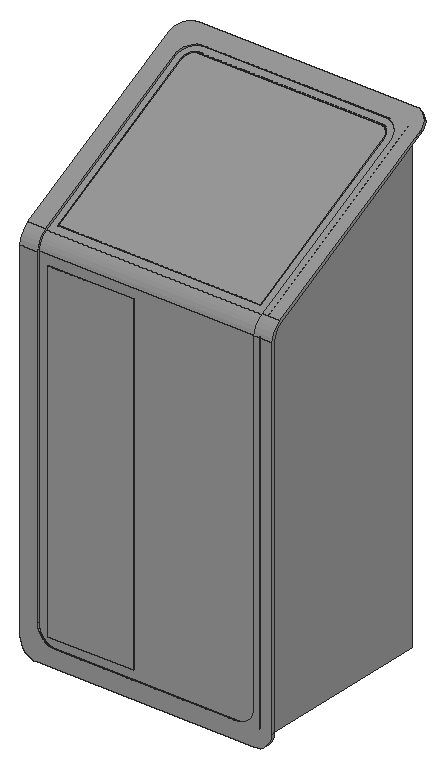
Revit family "Урна для раздельного сбора мусора «Урба» Арт 13967", category Антураж, Revit 2018
Family settings
  На основе рабочей плоскости = Нет
  Всегда вертикально = Да
  При загрузке вырезать с полостями = Нет
  Источник визуального образа = Геометрия семейства
  Общий = Нет
  Точка расчета площади = Нет
Parameters (values of type "Урна для раздельного сбора мусора «Урба». 1 секция с наклейкой")
  Ширина = 400 mm  # constant formula
  Цвет отходов = Синий
  Цвет оконтовки = Хром
  Цвет бака = Черный
  Описание = if(Наклейка, "Урна для раздельного сбора мусора «Урба». 1 секция с наклейкой", "Урна для раздельного сбора мусора «Урба». 1 секция без наклейки")  # "Урна для раздельного сбора мусора «Урба». 1 секция с наклейкой"
  Наклейка = yes
  Материал изделия = "Сталь"  # constant formula
  Изображение типоразмера = Урна для раздельного сбора мусора «Урба» с наклейкой Арт 13967.jpg
  Изготовитель = "ООО «Хоббика»"  # constant formula
  Длина = 500 mm  # constant formula
  Группа модели = "Уличные урны"  # constant formula
  Высота = 1000 mm  # constant formula
  Без наклейкии = not(Наклейка)  # no
  Артикул товара = "Арт. 13967"  # constant formula
  URL = "https://hobbyka.ru/product/urna_dlya_razdelnogo_sbora_musora_urba/"
Types (3, lengths in mm): name | Описание | Наклейка | Изображение типоразмера | Без наклейкии
  (no name) | "Урна для раздельного сбора мусора «Урба». 1 секция с наклейкой" | yes | Урна для раздельного сбора мусора «Урба» с наклейкой Арт 13967.jpg | no
  Урна для раздельного сбора мусора «Урба». 1 секция с наклейкой | "Урна для раздельного сбора мусора «Урба». 1 секция с наклейкой" | yes | Урна для раздельного сбора мусора «Урба» с наклейкой Арт 13967.jpg | no
  Урна для раздельного сбора мусора «Урба». 1 секция без наклейки | "Урна для раздельного сбора мусора «Урба». 1 секция без наклейки" | no | Урна для раздельного сбора мусора «Урба» без наклейки Арт 13967.jpg | yes
Reference planes
  plane 1 "По центру (Вперед/Назад)": y = 0
  plane 2: z = 0
  plane 3 "По центру (Влево/Вправо)": x = 0
  plane 4: x = 500
  plane 5: y = 400
  plane 6: z = 1000
Forms (mm)
  Extrusion 1, solid, material "Черный" <- "Цвет бака"
    sketch origin (0, 0, 0) x (1, 0, 0) y (0, 1, 0)
      loop
        arc (135, 300) -> (110.251, 289.749) -> (100, 265) r 35
        line (100, 265) -> (100, 135)
        arc (100, 135) -> (110.251, 110.251) -> (135, 100) r 35
        line (135, 100) -> (365, 100)
        arc (365, 100) -> (389.749, 110.251) -> (400, 135) r 35
        line (400, 135) -> (400, 265)
        arc (400, 265) -> (389.749, 289.749) -> (365, 300) r 35
        line (365, 300) -> (135, 300)
    from 0 to 50
  Extrusion 2, solid, material "Хром" <- "Цвет оконтовки"
    sketch origin (0, 0, 0) x (0, 1, 0) y (0, 0, 1)
      loop
        line (400, 994.337) -> (400, 1000) -> (20.333, 798.127)
        arc (20.333, 798.127) -> (6.442, 785.057) -> (0, 767.104) r 40.851
        line (0, 767.104) -> (0, 36.342) -> (5, 36.342) -> (5, 766.823)
        arc (5, 766.823) -> (10.676, 782.395) -> (22.75, 793.75) r 35.851
        line (22.75, 793.75) -> (400, 994.337)
    from 0 to 500
  Extrusion 3, solid, material "Черный" <- "Цвет бака"
    sketch origin (0, 0, 0) x (0, 1, 0) y (0, 0, 1)
      loop
        arc (22.75, 793.75) -> (10.676, 782.395) -> (5, 766.823) r 35.851
        line (5, 766.823) -> (5, 50) -> (377.926, 50) -> (377.926, 982.6) -> (22.75, 793.75)
    from 25 to 475
  Extrusion 4, void
    sketch origin (0, 400, 1000) x (0, 0.882948, 0.469472) y (1, 0, 0)
      loop
        arc (0, 35) -> (-10.251, 10.251) -> (-35, 0) r 35
        line (-35, 0) -> (0, 0) -> (0, 35)
      loop
        line (0, 465) -> (0, 500) -> (-35, 500)
        arc (-35, 500) -> (-10.251, 489.749) -> (0, 465) r 35
    from 0 to 5
  Extrusion 5, void
    sketch origin (0, 0, 0) x (1, 0, 0) y (0, 0, 1)
      loop
        line (465, 36.342) -> (500, 36.342) -> (500, 71.342)
        arc (500, 71.342) -> (489.749, 46.593) -> (465, 36.342) r 35
      loop
        arc (35, 36.342) -> (10.251, 46.593) -> (0, 71.342) r 35
        line (0, 71.342) -> (0, 36.342) -> (35, 36.342)
    from 0 to -5
  Extrusion 6, void
    sketch origin (0, 0, 0) x (1, 0, 0) y (0, 0, 1)
      loop
        line (465, 106.342) -> (465, 982.6) -> (35, 982.6) -> (35, 106.342)
        arc (35, 106.342) -> (45.251, 81.593) -> (70, 71.342) r 35
        line (70, 71.342) -> (430, 71.342)
        arc (430, 71.342) -> (454.749, 81.593) -> (465, 106.342) r 35
    from 0 to -3
  Extrusion 7, void
    sketch origin (0, 400, 1000) x (0, 0.882948, 0.469472) y (1, 0, 0)
      loop
        arc (-35, 430) -> (-45.251, 454.749) -> (-70, 465) r 35
        line (-70, 465) -> (-535, 465) -> (-535, 35) -> (-70, 35)
        arc (-70, 35) -> (-45.251, 45.251) -> (-35, 70) r 35
        line (-35, 70) -> (-35, 430)
    from 0 to 3
  Extrusion 8, void
    sketch origin (0, 0, 0) x (0, 1, 0) y (0, 0, 1)
      loop
        line (21.779, 795.499) -> (20.333, 798.127)
        arc (20.333, 798.127) -> (6.442, 785.057) -> (0, 767.104) r 40.851
        line (0, 767.104) -> (3.019, 767.104)
        arc (3.019, 767.104) -> (9.028, 783.529) -> (21.779, 795.499) r 37.851
    from 35 to 465
  Extrusion 9, void
    sketch origin (0, 401.408, 997.351) x (0, 0.882948, 0.469472) y (1, 0, 0)
      loop
        line (-50, 70) -> (-50, 430)
        arc (-50, 430) -> (-55.858, 444.142) -> (-70, 450) r 20
        line (-70, 450) -> (-415, 450) -> (-415, 50) -> (-70, 50)
        arc (-70, 50) -> (-55.858, 55.858) -> (-50, 70) r 20
      loop
        line (-48, 70) -> (-48, 430)
        arc (-48, 430) -> (-54.444, 445.556) -> (-70, 452) r 22
        line (-70, 452) -> (-417, 452) -> (-417, 48) -> (-70, 48)
        arc (-70, 48) -> (-54.444, 54.444) -> (-48, 70) r 22
    from -1 to 2
  Extrusion 10, solid, material "Синий" <- "Цвет отходов"
    sketch origin (0, 0, 0) x (0, 1, 0) y (0, 0, 1)
      loop
        arc (21.299, 796.376) -> (8.136, 783.993) -> (2, 766.994) r 38.851
        line (2, 766.994) -> (2, 71.342) -> (3, 71.342) -> (3, 766.938)
        arc (3, 766.938) -> (8.983, 783.46) -> (21.782, 795.5) r 37.851
        line (21.782, 795.5) -> (370.505, 980.92) -> (370.036, 981.803) -> (21.299, 796.376)
    from 25 to 475
  Extrusion 11, solid, material "Синий" <- "Цвет отходов", visible <- "Наклейка"
    sketch origin (0, 0, 0) x (1, 0, 0) y (0, 0, 1)
      loop
        line (55.011, 748.565) -> (55.011, 88.565) -> (225.011, 88.565) -> (225.011, 748.565) -> (55.011, 748.565)
    from -2 to -1
Cuts and joins
  Extrusion 4, Extrusion 5, Extrusion 6, Extrusion 7, Extrusion 8, Extrusion 9 cuts Extrusion 2
  Extrusion 7, Extrusion 9 cuts Extrusion 3
  Extrusion 9 cuts Extrusion 10
Dimensions and locks
  "Ширина": plane 5 to plane 1 "По центру (Вперед/Назад)"
  "Длина": plane 3 "По центру (Влево/Вправо)" to plane 4
  "Высота": plane 6 to plane 2
  aligned and locked: level to plane 2
Automatic sketch dimensions
  Extrusion 1 sketch curve to Extrusion 1 sketch curve = 35 mm  (x3)
  Extrusion 1 sketch curve to plane 4 = 135 mm
  Extrusion 1 sketch curve to Extrusion 1 sketch curve = 0 mm
  plane 3 "По центру (Влево/Вправо)" to Extrusion 1 sketch curve = 135 mm
  Extrusion 1 sketch curve to plane 1 "По центру (Вперед/Назад)" = 100 mm
  Extrusion 1 sketch curve to Extrusion 1 sketch curve = 130 mm
  Extrusion 2 sketch curve to Extrusion 2 sketch curve = 0 mm  (x2)
  Extrusion 2 sketch curve to plane 1 "По центру (Вперед/Назад)" = 0 mm
  Extrusion 2 sketch curve to plane 6 = 0 mm
  Extrusion 2 sketch curve to plane 1 "По центру (Вперед/Назад)" = 20.333 mm
  Extrusion 2 sketch curve to Extrusion 2 sketch curve = 2.417 mm
  Extrusion 2 sketch curve to Extrusion 2 sketch curve = 35.609 mm
  Extrusion 2 sketch curve to plane 6 = 201.873 mm
  Extrusion 2 sketch curve to Extrusion 2 sketch curve = 4.378 mm
  Extrusion 2 sketch curve to Extrusion 2 sketch curve = 26.645 mm
  Extrusion 2 sketch curve to plane 1 "По центру (Вперед/Назад)" = 5 mm
  plane 5 to Extrusion 2 sketch curve = 0 mm
  Extrusion 2 sketch curve to plane 6 = 5.663 mm
  level to Extrusion 2 sketch curve = 36.342 mm
  Extrusion 3 sketch curve to plane 5 = 22.074 mm
  Extrusion 3 sketch curve to plane 1 "По центру (Вперед/Назад)" = 40.609 mm
  Extrusion 3 sketch curve to plane 1 "По центру (Вперед/Назад)" = 22.75 mm
  Extrusion 3 sketch curve to plane 1 "По центру (Вперед/Назад)" = 5 mm
  level to Extrusion 3 sketch curve = 50 mm
  Extrusion 3 sketch curve to plane 6 = 237.337 mm
  Extrusion 3 sketch curve to Extrusion 3 sketch curve = 4.16 mm
  Extrusion 3 sketch curve to plane 6 = 17.4 mm
  Extrusion 4 sketch curve to Extrusion 2 = 0 mm  (x3)
  Extrusion 2 to Extrusion 4 sketch curve = 0 mm
  Extrusion 4 sketch curve to Extrusion 4 sketch curve = 35 mm  (x2)
  Extrusion 5 sketch curve to plane 3 "По центру (Влево/Вправо)" = 0 mm
  Extrusion 5 sketch curve to plane 4 = 0 mm
  Extrusion 5 sketch curve to Extrusion 5 sketch curve = 35 mm  (x2)
  level to Extrusion 5 sketch curve = 36.342 mm  (x2)
  plane 3 "По центру (Влево/Вправо)" to Extrusion 6 sketch curve = 35 mm
  Extrusion 6 sketch curve to Extrusion 6 sketch curve = 35 mm
  Extrusion 6 sketch curve to plane 4 = 70 mm
  Extrusion 6 sketch curve to plane 6 = 17.4 mm
  Extrusion 6 sketch curve to plane 4 = 35 mm
  level to Extrusion 6 sketch curve = 106.342 mm
  Extrusion 7 sketch curve to Extrusion 2 = 35 mm
  Extrusion 7 sketch curve to Extrusion 2 = 105 mm
  Extrusion 7 sketch curve to Extrusion 2 = 70 mm  (x3)
  Extrusion 7 sketch curve to Extrusion 7 sketch curve = 35 mm
  Extrusion 8 sketch curve to Extrusion 8 sketch curve = 0 mm  (x2)
  plane 1 "По центру (Вперед/Назад)" to Extrusion 8 sketch curve = 0 mm
  Extrusion 8 sketch curve to plane 1 "По центру (Вперед/Назад)" = 3.019 mm
  Extrusion 8 sketch curve to plane 1 "По центру (Вперед/Назад)" = 20.333 mm
  Extrusion 8 sketch curve to Extrusion 8 sketch curve = 1.447 mm
  Extrusion 8 sketch curve to Extrusion 8 sketch curve = 18.83 mm
  Extrusion 8 sketch curve to plane 6 = 237.337 mm
  Extrusion 8 sketch curve to Extrusion 8 sketch curve = 4.441 mm
  Extrusion 7 to Extrusion 9 sketch curve = 15 mm
  Extrusion 9 sketch curve to Extrusion 9 sketch curve = 2 mm  (x2)
  Extrusion 9 sketch curve to Extrusion 9 sketch curve = 0 mm  (x6)
  Extrusion 9 sketch curve to Extrusion 9 sketch curve = 20 mm
  Extrusion 7 to Extrusion 9 sketch curve = 120 mm
  Extrusion 10 sketch curve to Extrusion 10 sketch curve = 0 mm  (x2)
  Extrusion 10 sketch curve to plane 1 "По центру (Вперед/Назад)" = 2 mm
  Extrusion 10 sketch curve to Extrusion 10 sketch curve = 1 mm
  Extrusion 10 sketch curve to plane 1 "По центру (Вперед/Назад)" = 21.299 mm
  Extrusion 10 sketch curve to Extrusion 10 sketch curve = 0.483 mm
  level to Extrusion 10 sketch curve = 71.342 mm
  Extrusion 10 sketch curve to Extrusion 10 sketch curve = 4.274 mm
  Extrusion 10 sketch curve to Extrusion 10 sketch curve = 0.056 mm
  Extrusion 10 sketch curve to plane 5 = 29.964 mm
  Extrusion 10 sketch curve to Extrusion 10 sketch curve = 0.469 mm
  Extrusion 10 sketch curve to plane 6 = 19.08 mm
  Extrusion 10 sketch curve to Extrusion 10 sketch curve = 0.883 mm
  plane 3 "По центру (Влево/Вправо)" to Extrusion 11 sketch curve = 55.011 mm
  Extrusion 11 sketch curve to Extrusion 11 sketch curve = 170 mm
  level to Extrusion 11 sketch curve = 88.565 mm
  Extrusion 11 sketch curve to plane 6 = 251.435 mm
  radius of Extrusion 9 sketch curve to Extrusion 7 = 15 mm
